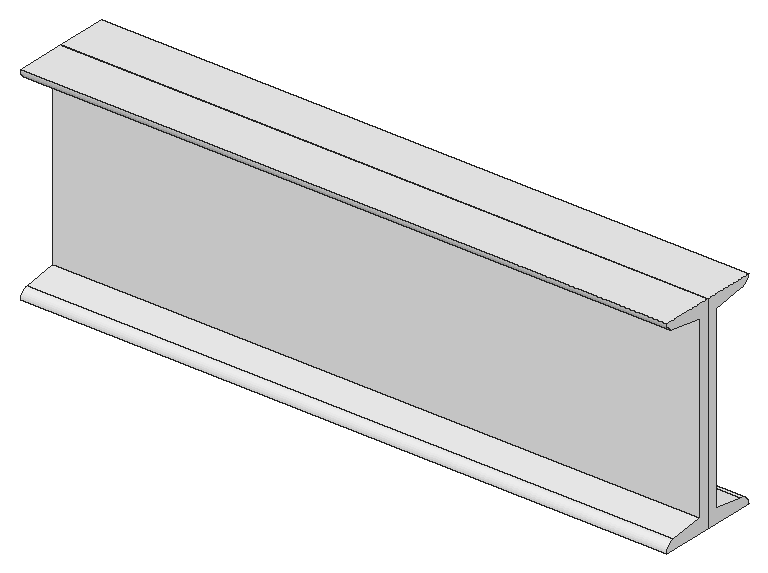
Revit family "M_Guia C dupla", category Quadro estrutural, Revit 2019
Family settings
  Arredondamento do comprimento do framing estrutural = 0 mm
  Forma do corte = Não definido
  Material para o comportamento do modelo = Aço
  Exportar sempre como geometria = Não
  Número OmniClass = 23.25.30.11.14.14
  Título OmniClass = Beams
  ID de item do Seek = Double C-Channel-0000-CAN-ENU
  Sempre na vertical = Sim
  Corte com vazios quando carregada = Não
  Representação simbólica = Das configurações de projeto
  Compartilhado = Não
  Exibir o pré-corte da família na vista da planta = Sim
Parameters (values of type "2C380X74")
  W = 1.46
  Structural Material [instance] = Aço, 45-345
  Código de montagem = "B10"
  Length [instance] = 1500 mm
  Espaço = 0 mm
  bf = 94.4 mm
  d = 381 mm
  tf = 16.5 mm
  tw = 18.2 mm
  A = 19000.00 mm²
Reference planes
  plane 1 "Centro (Frente/Trás)": y = 0
  plane 2: z = 0
  plane 3 "Centro (Esquerda/Direita)": x = 4.61
  plane 4 "Membro esquerdo": x = -706.59
  plane 5 "Membro direito": x = 487.21
  plane 6: y = 94.4
  plane 7: y = -94.4
  plane 8: z = -190.5
  plane 9: y = 0
  plane 10: y = 0
  plane 11 "Esquerda": x = -871.69
  plane 12 "Direita": x = 628.31
  plane 13: z = 190.5
Forms (mm)
  Sweep 1, solid, material "Aço, 45-345" <- "Structural Material", detail levels fine
    path origin (0, 0, 0) x (1, 0, 0) y (0, 1, 0)
      loop
        line (487.21, 0) -> (-706.59, 0)
    profile "M_C duplo-Guia-Perfil-Alto : M_C duplo-Guia-Perfil-Alto" origin (-109.69, 0, 0) x (0, -1, 0) y (0, 0, 1)
      loop
        line (0, -190.5) -> (94.4, -190.5)
        arc (94.4, -190.5) -> (89.567, -178.833) -> (77.9, -174) r 16.5
        line (77.9, -174) -> (18.2, -164.544) -> (18.2, 164.544) -> (77.9, 174)
        arc (77.9, 174) -> (89.567, 178.833) -> (94.4, 190.5) r 16.5
        line (94.4, 190.5) -> (0, 190.5) -> (0, -190.5)
  Sweep 2, solid, material "Aço, 45-345" <- "Structural Material", detail levels medium
    path origin (0, 0, 0) x (1, 0, 0) y (0, 1, 0)
      loop
        line (487.21, 0) -> (-706.59, 0)
    profile "M_C duplo-Guia-Perfil-Médio : M_C duplo-Guia-Perfil-Médio" origin (-109.69, 0, 0) x (0, -1, 0) y (0, 0, 1)
      loop
        line (0, -190.5) -> (0, 190.5) -> (-94.4, 190.5) -> (-94.4, 174) -> (-18.2, 161.931) -> (-18.2, -161.931) -> (-94.4, -174) -> (-94.4, -190.5) -> (0, -190.5)
  Sweep 3, solid, material "Aço, 45-345" <- "Structural Material", detail levels fine
    path origin (0, 0, 0) x (1, 0, 0) y (0, -1, 0)
      loop
        line (487.21, 0) -> (-706.59, 0)
    profile "M_C duplo-Guia-Perfil-Alto : M_C duplo-Guia-Perfil-Alto" origin (-109.69, 0, 0) x (0, -1, 0) y (0, 0, 1)
      loop
        line (0, -190.5) -> (0, 190.5) -> (-94.4, 190.5)
        arc (-94.4, 190.5) -> (-89.567, 178.833) -> (-77.9, 174) r 16.5
        line (-77.9, 174) -> (-18.2, 164.544) -> (-18.2, -164.544) -> (-77.9, -174)
        arc (-77.9, -174) -> (-89.567, -178.833) -> (-94.4, -190.5) r 16.5
        line (-94.4, -190.5) -> (0, -190.5)
  Sweep 4, solid, material "Aço, 45-345" <- "Structural Material", detail levels medium
    path origin (0, 0, 0) x (1, 0, 0) y (0, -1, 0)
      loop
        line (487.21, 0) -> (-706.59, 0)
    profile "M_C duplo-Guia-Perfil-Médio : M_C duplo-Guia-Perfil-Médio" origin (-109.69, 0, 0) x (0, -1, 0) y (0, 0, 1)
      loop
        line (0, -190.5) -> (94.4, -190.5) -> (94.4, -174) -> (18.2, -161.931) -> (18.2, 161.931) -> (94.4, 174) -> (94.4, 190.5) -> (0, 190.5) -> (0, -190.5)
Lines and regions (mm)
  symbolic lines, style "Faces ocultas", detail levels medium+fine
    curve 1: line (-706.59, 18.2, 0) -> (487.21, 18.2, 0)
    curve 2: line (-706.59, -18.2, 0) -> (487.21, -18.2, 0)
  symbolic lines, style "Símbolos de vara", detail levels coarse
    curve 3: line (4.61, 94.4, 190.5) -> (4.61, 0, 190.5)
    curve 4: line (4.61, 0, 190.5) -> (4.61, 0, -190.5)
    curve 5: line (4.61, 0, -190.5) -> (4.61, 94.4, -190.5)
    curve 6: line (4.61, -94.4, 190.5) -> (4.61, 0, 190.5)
    curve 7: line (4.61, 0, 190.5) -> (4.61, 0, -190.5)
    curve 8: line (4.61, 0, -190.5) -> (4.61, -94.4, -190.5)
Dimensions and locks
  equal spacing: plane 9, plane 1 "Centro (Frente/Trás)", plane 10
  "bf": plane 10 to plane 7
  "bf": plane 6 to plane 9
  "Espaço": plane 9 to plane 10
  "Length": plane 11 "Esquerda" to plane 12 "Direita"
  equal spacing: plane 13, level, plane 8
  "d": plane 13 to plane 8
  "tw": curve 2 to plane 10
  "tw": plane 9 to curve 1
  aligned and locked: Sweep 1 sketch curve to plane 1 "Centro (Frente/Trás)"
  aligned and locked: Sweep 2 sketch curve to plane 1 "Centro (Frente/Trás)"
  aligned and locked: plane 2 to level
  aligned and locked: plane 13 to Sweep 2
  aligned and locked: plane 8 to Sweep 2
  aligned and locked: plane 6 to Sweep 2  (x4)
  aligned and locked: Sweep 2 to plane 9
  aligned and locked: plane 4 "Membro esquerdo" to Sweep 4 sketch curve
  aligned and locked: plane 5 "Membro direito" to Sweep 4 sketch curve
  aligned and locked: plane 4 "Membro esquerdo" to Sweep 1 sketch curve
  aligned and locked: plane 5 "Membro direito" to Sweep 1 sketch curve
  aligned and locked: plane 4 "Membro esquerdo" to Sweep 3 sketch curve
  aligned and locked: plane 5 "Membro direito" to Sweep 3 sketch curve
  aligned and locked: plane 4 "Membro esquerdo" to Sweep 2 sketch curve
  aligned and locked: plane 5 "Membro direito" to Sweep 2 sketch curve
  aligned and locked: plane 4 "Membro esquerdo" to curve 1
  aligned and locked: plane 4 "Membro esquerdo" to curve 2
  aligned and locked: plane 5 "Membro direito" to curve 1
  aligned and locked: plane 5 "Membro direito" to curve 2
  aligned and locked: plane 6 to curve 3
  aligned and locked: curve 3 to plane 13
  aligned and locked: plane 9 to curve 4
  aligned and locked: curve 5 to plane 8
  aligned and locked: plane 6 to curve 5
  aligned and locked: plane 13 to curve 6
  aligned and locked: plane 7 to curve 8
  aligned and locked: plane 7 to curve 6
Automatic sketch dimensions
  Sweep 3 sketch curve to plane 1 "Centro (Frente/Trás)" = 0 mm
  Sweep 4 sketch curve to plane 1 "Centro (Frente/Trás)" = 0 mm
Types in the file's own list only (30): name | W | Espaço | bf | d | tf | tw | A
  2C380X60 | 1.168 | 10 mm | 89 mm | 381 mm | 17 mm | 13 mm | 15160.00 mm²
  2C380X50.4 | 0.99 | 20 mm | 86 mm | 381 mm | 17 mm | 10 mm | 12840.00 mm²
  2C310X45 | 0.876 | 0 mm | 81 mm | 305 mm | 13 mm | 13 mm | 11380.00 mm²
  2C310X37 | 0.73 | 10 mm | 77 mm | 305 mm | 13 mm | 10 mm | 9460.00 mm²
  2C310X30.8 | 0.604 | 20 mm | 75 mm | 305 mm | 13 mm | 7 mm | 7840.00 mm²
  2C250X45 | 0.876 | 0 mm | 77 mm | 254 mm | 11 mm | 17 mm | 11380.00 mm²
  2C250X37 | 0.73 | 10 mm | 73 mm | 254 mm | 11 mm | 13 mm | 9480.00 mm²
  2C250X30 | 0.584 | 20 mm | 70 mm | 254 mm | 11 mm | 10 mm | 7580.00 mm²
  2C250X22.8 | 0.446 | 0 mm | 66 mm | 254 mm | 11 mm | 6 mm | 5780.00 mm²
  2C230X30 | 0.584 | 10 mm | 67 mm | 229 mm | 11 mm | 11 mm | 7580.00 mm²
  2C230X22 | 0.438 | 20 mm | 63 mm | 229 mm | 11 mm | 7 mm | 5680.00 mm²
  2C230X19.9 | 0.392 | 0 mm | 62 mm | 229 mm | 11 mm | 6 mm | 5080.00 mm²
  2C200X27.9 | 0.548 | 10 mm | 64 mm | 203 mm | 10 mm | 12 mm | 7100.00 mm²
  2C200X20.5 | 0.402 | 20 mm | 60 mm | 203 mm | 10 mm | 8 mm | 5200.00 mm²
  2C200X17.1 | 0.336 | 0 mm | 57 mm | 203 mm | 10 mm | 6 mm | 4360.00 mm²
  2C180X22 | 0.43 | 10 mm | 58 mm | 178 mm | 9 mm | 11 mm | 5580.00 mm²
  2C180X18.2 | 0.358 | 20 mm | 56 mm | 178 mm | 9 mm | 8 mm | 4640.00 mm²
  2C180X14.6 | 0.286 | 0 mm | 53 mm | 178 mm | 9 mm | 5 mm | 3700.00 mm²
  2C150X19.3 | 0.38 | 10 mm | 55 mm | 152 mm | 9 mm | 11 mm | 4920.00 mm²
  2C150X15.6 | 0.306 | 20 mm | 52 mm | 152 mm | 9 mm | 8 mm | 3960.00 mm²
  2C150X12.2 | 0.24 | 0 mm | 49 mm | 152 mm | 9 mm | 5 mm | 3080.00 mm²
  2C130X13 | 0.262 | 10 mm | 48 mm | 127 mm | 8 mm | 8 mm | 3400.00 mm²
  2C130X10.4 | 0.196 | 20 mm | 45 mm | 127 mm | 8 mm | 5 mm | 2540.00 mm²
  2C100X10.8 | 0.212 | 0 mm | 44 mm | 102 mm | 8 mm | 8 mm | 2740.00 mm²
  2C100X8 | 0.158 | 10 mm | 40 mm | 102 mm | 8 mm | 5 mm | 2040.00 mm²
  2C100X6.7 | 0.132 | 20 mm | 40 mm | 102 mm | 8 mm | 3 mm | 1782.00 mm²
  2C75X8.9 | 0.176 | 0 mm | 41 mm | 76 mm | 7 mm | 9 mm | 2280.00 mm²
  2C75X7.4 | 0.146 | 10 mm | 38 mm | 76 mm | 7 mm | 7 mm | 1894.00 mm²
  2C75X6.1 | 0.12 | 20 mm | 36 mm | 76 mm | 7 mm | 4 mm | 1554.00 mm²
  2C75X5.2 | 0.102 | 0 mm | 35 mm | 76 mm | 7 mm | 3 mm | 1406.00 mm²
